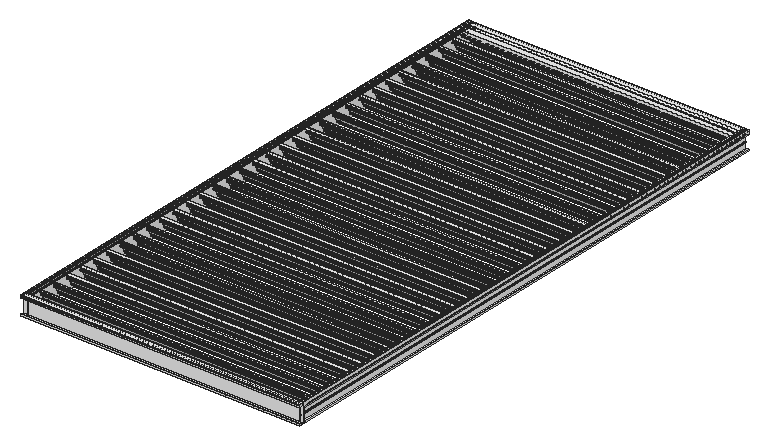
Revit family "All-Lite_EFK-430_R17", category Mechanical Equipment, host Face, Revit 2017
Family settings
  Host = Face
  Round Connector Dimension = Use Diameter
  Part Type = Normal
  Cut with Voids When Loaded = No
  Shared = No
  Room Calculation Point = No
Parameters (values of type "60" x 120"")
  Width Control = if(Width < 4 1/2", 4 1/2", Width)  # 60"
  Width = 60"
  Wall Depth [instance] = 12"
  Velocity @ 0.15 in. wg. Pressure Loss = "960 fpm"  # constant formula
  URL = "https://www.alllite.com/"
  Pressure Loss = ".16 in. wg"  # constant formula
  Screen = "1/2'' x 0.063'' expanded and flattened aluminum."  # constant formula
  Product URL = "https://www.alllite.com/media/resource/EFK430.pdf"
  Revit Components [instance] = "www.commensestudio.com"
  Mullion = "Visible"  # constant formula
  Modeled By = "Commense Studio"  # constant formula
  Model = "EFK-430"  # constant formula
  Maximum Size = "60'' x 120''"  # constant formula
  Louver Placement from Face [instance] = 1"
  Height Control = if(Height < 7 1/2", 7 1/2", Height)  # 120"
  Free Area Velocity = "1002 fpm"  # constant formula
  Design Load = "30 psf"  # constant formula
  Air Volume Delivered = "8549 cfm"  # constant formula
  Material = "Mill finish 6063-T5 extruded aluminum."  # constant formula
  Manufacturer = "Pottorff"  # constant formula
  Aluminum [instance] = Aluminum
  Blade Width = Width - 2"  # 58"
  Frame = "4'' deep x 0.081'' thick channel."  # constant formula
  Description = "The EFK-430 extruded aluminum louver is designed for intake\r\nand exhaust application where protection against water\r\ninfiltration is not critical. The EFJ-430 is well suited for special\r\nshape applications and is available with hidden mullions for a\r\ncontinuous blade appearance of multiple section assemblies.\r\nThe EFJ-430 is available in a wide array of anodized and\r\npainted finishes including custom color matching."  # constant formula
  Height = 120"
  Depth = 4"  # constant formula
  Default Elevation = 0"
  Minimum Size = "4.5'' x 7.5'"  # constant formula
  Blades = "30° x 0.081'' thick K- style."  # constant formula
  Assembly Code = "B3020300"
  Array Control 2 = if(Array Control 1 < 2, 2, Array Control 1)  # 32
  Array Control 1 = (Height - 9 23/32") / 3 1/2"  # 32
Types (3): name | Width Control | Width | URL | Product URL | Height Control | Blade Width | Height | Array Control 2 | Array Control 1
  (no name) | 60" | 60" | "https://www.alllite.com/" | "https://www.alllite.com/media/resource/EFK430.pdf" | 120" | 58" | 120" | 32 | 32
  60" x 120" | 60" | 60" | "https://www.alllite.com/" | "https://www.alllite.com/media/resource/EFK430.pdf" | 120" | 58" | 120" | 32 | 32
  36" x 48" | 36" | 36" | "https://www.pottorff.com/" | "" | 48" | 34" | 48" | 11 | 11
Reference planes (in)
  plane 1 "Center (Front/Back)": y = 0
  plane 2: z = 0
  plane 3 "Center (Left/Right)": x = 0
  plane 4 "L": x = -30
  plane 5 "R": x = 30
  plane 6 "B": y = 60
  plane 7 "F": y = -60
  plane 8 "Framing Sweeps": z = -1
  plane 9: x = -29
  plane 10: x = 29
  plane 11 "blade": z = -1.081
  plane 12: y = -57
  plane 13: y = 56.7965
  plane 14: y = 53.2965
  plane 15: z = -5.4937
  plane 16: z = -12
Forms (in)
  Sweep 1, solid, material "Aluminum" <- "Aluminum"
    path origin (0, 0, -1) x (-1, 0, 0) y (0, -1, 0)
      loop
        line (30, 60) -> (-30, 60)
    profile origin (0, -60, -1) x (0, 1, 0) y (0, 0, 1)
      loop
        line (0.984, -3.919) -> (0.984, 0) -> (0, 0) -> (0, -0.206) -> (0.065, -0.206)
        arc (0.065, -0.206) -> (0.07568, -0.17511) -> (0.10563, -0.162) r 0.04076
        line (0.10563, -0.162) -> (0.181, -0.162) -> (0.181, -0.081) -> (0.309, -0.081) -> (0.309, -0.162) -> (0.4005, -0.162) -> (0.4005, -0.305) -> (0, -0.305) -> (0, -0.5625) -> (0.081, -0.5625) -> (0.081, -0.386) -> (0.4815, -0.386) -> (0.4815, -0.081) -> (0.903, -0.081) -> (0.903, -3.919) -> (0.081, -3.919) -> (0.081, -3.6875) -> (0, -3.6875) -> (0, -4) -> (3.984, -4) -> (3.984, -3.919) -> (0.984, -3.919)
  Sweep 2, solid, material "Aluminum" <- "Aluminum"
    path origin (0, 0, -1) x (-1, 0, 0) y (0, -1, 0)
      loop
        line (29, -60) -> (-29, -60)
    profile origin (0, 60, -1) x (0, 1, 0) y (0, 0, 1)
      loop
        line (0, -4) -> (0, -0.213) -> (-0.401, -0.213) -> (-0.401, -0.07) -> (-0.09873, -0.07)
        arc (-0.09873, -0.07) -> (-0.08447, -0.07703) -> (-0.08138, -0.09263) r 0.01796
        arc (-0.08138, -0.09263) -> (-0.07846, -0.10736) -> (-0.065, -0.114) r 0.01697
        line (-0.065, -0.114) -> (0, -0.114) -> (0, 0) -> (-0.99667, 0) -> (-1.696, -0.69933) -> (-1.63872, -0.7566) -> (-0.96312, -0.081) -> (-0.482, -0.081) -> (-0.482, -0.294) -> (-0.081, -0.294) -> (-0.081, -0.812) -> (-0.29327, -0.812)
        arc (-0.29327, -0.812) -> (-0.33377, -0.8525) -> (-0.29327, -0.893) r 0.0405
        line (-0.29327, -0.893) -> (-0.1249, -0.893)
        arc (-0.1249, -0.893) -> (-0.0809, -0.937) -> (-0.1249, -0.981) r 0.044
        line (-0.1249, -0.981) -> (-0.59685, -0.981)
        arc (-0.59685, -0.981) -> (-0.56224, -0.94639) -> (-0.59685, -0.91177) r 0.03461
        line (-0.59685, -0.91177) -> (-0.90713, -0.91177)
        arc (-0.90713, -0.91177) -> (-0.92864, -0.90877) -> (-0.9485, -0.9) r 0.07856
        line (-0.9485, -0.9) -> (-3.1065, -0.9) -> (-3.1065, -0.081) -> (-2.2275, -0.081)
        arc (-2.2275, -0.081) -> (-2.187, -0.0405) -> (-2.2275, 0) r 0.0405
        line (-2.2275, 0) -> (-3.14844, 0)
        arc (-3.14844, 0) -> (-3.17606, -0.01144) -> (-3.1875, -0.03906) r 0.03906
        line (-3.1875, -0.03906) -> (-3.1875, -0.94378)
        arc (-3.1875, -0.94378) -> (-3.1766, -0.9701) -> (-3.15028, -0.981) r 0.03722
        line (-3.15028, -0.981) -> (-2.89238, -0.981)
        arc (-2.89238, -0.981) -> (-2.86453, -0.99253) -> (-2.853, -1.02038) r 0.03938
        line (-2.853, -1.02038) -> (-2.853, -1.13575)
        arc (-2.853, -1.13575) -> (-2.85952, -1.15736) -> (-2.87691, -1.17175) r 0.03906
        arc (-2.87691, -1.17175) -> (-2.97427, -1.2875) -> (-2.93733, -1.43417) r 0.166
        arc (-2.93733, -1.43417) -> (-2.88042, -1.43766) -> (-2.87642, -1.38078) r 0.0405
        arc (-2.87642, -1.38078) -> (-2.8125, -1.23975) -> (-2.74858, -1.38078) r 0.085
        arc (-2.74858, -1.38078) -> (-2.74482, -1.43793) -> (-2.68767, -1.43417) r 0.0405
        arc (-2.68767, -1.43417) -> (-2.65073, -1.2875) -> (-2.74809, -1.17175) r 0.166
        arc (-2.74809, -1.17175) -> (-2.76548, -1.15736) -> (-2.772, -1.13575) r 0.03906
        line (-2.772, -1.13575) -> (-2.772, -1.01598)
        arc (-2.772, -1.01598) -> (-2.76176, -0.99124) -> (-2.73702, -0.981) r 0.03498
        line (-2.73702, -0.981) -> (-1.89304, -0.981)
        arc (-1.89304, -0.981) -> (-1.86473, -0.99273) -> (-1.853, -1.02104) r 0.04004
        line (-1.853, -1.02104) -> (-1.853, -1.12468)
        arc (-1.853, -1.12468) -> (-1.8616, -1.15456) -> (-1.88475, -1.1753) r 0.05622
        arc (-1.88475, -1.1753) -> (-1.97518, -1.29171) -> (-1.93733, -1.43417) r 0.166
        arc (-1.93733, -1.43417) -> (-1.88042, -1.43766) -> (-1.87642, -1.38078) r 0.0405
        arc (-1.87642, -1.38078) -> (-1.8125, -1.23975) -> (-1.74858, -1.38078) r 0.085
        arc (-1.74858, -1.38078) -> (-1.74458, -1.43766) -> (-1.68767, -1.43417) r 0.0405
        arc (-1.68767, -1.43417) -> (-1.65054, -1.28834) -> (-1.74651, -1.17243) r 0.166
        arc (-1.74651, -1.17243) -> (-1.76506, -1.15683) -> (-1.772, -1.13361) r 0.04231
        line (-1.772, -1.13361) -> (-1.772, -1.02489)
        arc (-1.772, -1.02489) -> (-1.75914, -0.99386) -> (-1.7281, -0.981) r 0.04389
        line (-1.7281, -0.981) -> (-0.831, -0.981) -> (-0.831, -1.062) -> (-0.55649, -1.062)
        arc (-0.55649, -1.062) -> (-0.52821, -1.07371) -> (-0.5165, -1.10199) r 0.03999
        line (-0.5165, -1.10199) -> (-0.5165, -1.17239)
        arc (-0.5165, -1.17239) -> (-0.52274, -1.19295) -> (-0.53936, -1.20657) r 0.03697
        arc (-0.53936, -1.20657) -> (-0.63762, -1.32211) -> (-0.60095, -1.46928) r 0.166
        arc (-0.60095, -1.46928) -> (-0.5438, -1.47311) -> (-0.53998, -1.41596) r 0.0405
        arc (-0.53998, -1.41596) -> (-0.476, -1.275) -> (-0.41202, -1.41596) r 0.085
        arc (-0.41202, -1.41596) -> (-0.4082, -1.47311) -> (-0.35105, -1.46928) r 0.0405
        arc (-0.35105, -1.46928) -> (-0.31411, -1.32328) -> (-0.41042, -1.2075) r 0.166
        arc (-0.41042, -1.2075) -> (-0.42867, -1.19222) -> (-0.4355, -1.16942) r 0.04145
        line (-0.4355, -1.16942) -> (-0.4355, -1.10206)
        arc (-0.4355, -1.10206) -> (-0.42377, -1.07373) -> (-0.39544, -1.062) r 0.04006
        line (-0.39544, -1.062) -> (-0.12312, -1.062)
        arc (-0.12312, -1.062) -> (-0.09334, -1.07434) -> (-0.081, -1.10412) r 0.04212
        line (-0.081, -1.10412) -> (-0.081, -3.30616)
        arc (-0.081, -3.30616) -> (-0.09223, -3.33327) -> (-0.11934, -3.3445) r 0.03834
        line (-0.11934, -3.3445) -> (-0.28768, -3.3445)
        arc (-0.28768, -3.3445) -> (-0.30878, -3.33811) -> (-0.32279, -3.3211) r 0.03804
        arc (-0.32279, -3.3211) -> (-0.43839, -3.22332) -> (-0.58528, -3.26005) r 0.166
        arc (-0.58528, -3.26005) -> (-0.58911, -3.3172) -> (-0.53196, -3.32102) r 0.0405
        arc (-0.53196, -3.32102) -> (-0.391, -3.385) -> (-0.53196, -3.44898) r 0.085
        arc (-0.53196, -3.44898) -> (-0.58911, -3.4528) -> (-0.58528, -3.50995) r 0.0405
        arc (-0.58528, -3.50995) -> (-0.43875, -3.54677) -> (-0.32307, -3.44957) r 0.166
        arc (-0.32307, -3.44957) -> (-0.30856, -3.43206) -> (-0.28679, -3.4255) r 0.03939
        line (-0.28679, -3.4255) -> (-0.12037, -3.4255)
        arc (-0.12037, -3.4255) -> (-0.09253, -3.43703) -> (-0.081, -3.46487) r 0.03937
        line (-0.081, -3.46487) -> (-0.081, -3.88124)
        arc (-0.081, -3.88124) -> (-0.09206, -3.90794) -> (-0.11876, -3.919) r 0.03776
        line (-0.11876, -3.919) -> (-0.75, -3.919) -> (-0.75, -4) -> (0, -4)
  Sweep 3, solid, material "Aluminum" <- "Aluminum"
    path origin (0, 0, -1) x (-1, 0, 0) y (0, -1, 0)
      loop
        line (30, -60) -> (30, 59.016)
    profile "Profile - Vertical Frame 1 : Profile - Vertical Frame 1" origin (-30, 0.492, -1) x (1, 0, 0) y (0, 0, 1)
      loop
        line (1, 0) -> (0, 0) -> (0, -0.206) -> (0.065, -0.206) -> (0.065, -0.162) -> (0.181, -0.162) -> (0.181, -0.081) -> (0.309, -0.081) -> (0.309, -0.162) -> (0.4005, -0.162) -> (0.4005, -0.305) -> (0, -0.305) -> (0, -0.84828)
        arc (0, -0.84828) -> (0.06849, -0.99401) -> (0.21422, -1.0625) r 0.23736
        line (0.21422, -1.0625) -> (0.30841, -1.0625)
        arc (0.30841, -1.0625) -> (0.3319, -1.06867) -> (0.34933, -1.08559) r 0.04781
        arc (0.34933, -1.08559) -> (0.40799, -1.09729) -> (0.41433, -1.03782) r 0.0405
        arc (0.41433, -1.03782) -> (0.478, -0.8965) -> (0.54167, -1.03782) r 0.085
        arc (0.54167, -1.03782) -> (0.54984, -1.09855) -> (0.60875, -1.08168) r 0.0405
        arc (0.60875, -1.08168) -> (0.62096, -1.0677) -> (0.63877, -1.0625) r 0.03309
        line (0.63877, -1.0625) -> (0.794, -1.0625) -> (0.794, -2.4465)
        arc (0.794, -2.4465) -> (0.78434, -2.46522) -> (0.76349, -2.4682) r 0.02297
        arc (0.76349, -2.4682) -> (0.67685, -2.46214) -> (0.59901, -2.50067) r 0.166
        arc (0.59901, -2.50067) -> (0.59551, -2.55783) -> (0.65268, -2.56133) r 0.0405
        arc (0.65268, -2.56133) -> (0.794, -2.625) -> (0.65268, -2.68867) r 0.085
        arc (0.65268, -2.68867) -> (0.59551, -2.69217) -> (0.59901, -2.74933) r 0.0405
        arc (0.59901, -2.74933) -> (0.67478, -2.78743) -> (0.75947, -2.78314) r 0.166
        arc (0.75947, -2.78314) -> (0.78314, -2.78698) -> (0.794, -2.80836) r 0.02648
        line (0.794, -2.80836) -> (0.794, -3.919) -> (0.081, -3.919) -> (0.081, -3.728)
        arc (0.081, -3.728) -> (0.0405, -3.6875) -> (0, -3.728) r 0.0405
        line (0, -3.728) -> (0, -4) -> (0.875, -4) -> (0.875, -0.9815) -> (0.66593, -0.9815)
        arc (0.66593, -0.9815) -> (0.65045, -0.97564) -> (0.64273, -0.96101) r 0.02338
        arc (0.64273, -0.96101) -> (0.47961, -0.81551) -> (0.3137, -0.95782) r 0.166
        arc (0.3137, -0.95782) -> (0.30444, -0.97476) -> (0.28636, -0.9815) r 0.02762
        line (0.28636, -0.9815) -> (0.23632, -0.9815)
        arc (0.23632, -0.9815) -> (0.12649, -0.93601) -> (0.081, -0.82618) r 0.15532
        line (0.081, -0.82618) -> (0.081, -0.386) -> (0.4815, -0.386) -> (0.4815, -0.081) -> (0.794, -0.081) -> (0.794, -0.21761)
        arc (0.794, -0.21761) -> (0.8345, -0.25811) -> (0.875, -0.21761) r 0.0405
        line (0.875, -0.21761) -> (0.875, -0.081) -> (1, -0.081) -> (1, 0)
  Sweep 4, solid, material "Aluminum" <- "Aluminum"
    path origin (0, 0, -1) x (-1, 0, 0) y (0, -1, 0)
      loop
        line (-30, -60) -> (-30, 59.016)
    profile "Profile - Vertical Frame 1 : Profile - Vertical Frame 1" origin (30, 0.492, -1) x (1, 0, 0) y (0, 0, 1)
      loop
        line (-1, 0) -> (-1, -0.081) -> (-0.875, -0.081) -> (-0.875, -0.21761)
        arc (-0.875, -0.21761) -> (-0.8345, -0.25811) -> (-0.794, -0.21761) r 0.0405
        line (-0.794, -0.21761) -> (-0.794, -0.081) -> (-0.4815, -0.081) -> (-0.4815, -0.386) -> (-0.081, -0.386) -> (-0.081, -0.82618)
        arc (-0.081, -0.82618) -> (-0.12649, -0.93601) -> (-0.23632, -0.9815) r 0.15532
        line (-0.23632, -0.9815) -> (-0.28636, -0.9815)
        arc (-0.28636, -0.9815) -> (-0.30444, -0.97476) -> (-0.3137, -0.95782) r 0.02762
        arc (-0.3137, -0.95782) -> (-0.47961, -0.81551) -> (-0.64273, -0.96101) r 0.166
        arc (-0.64273, -0.96101) -> (-0.65045, -0.97564) -> (-0.66593, -0.9815) r 0.02338
        line (-0.66593, -0.9815) -> (-0.875, -0.9815) -> (-0.875, -4) -> (0, -4) -> (0, -3.728)
        arc (0, -3.728) -> (-0.0405, -3.6875) -> (-0.081, -3.728) r 0.0405
        line (-0.081, -3.728) -> (-0.081, -3.919) -> (-0.794, -3.919) -> (-0.794, -2.80836)
        arc (-0.794, -2.80836) -> (-0.78314, -2.78698) -> (-0.75947, -2.78314) r 0.02648
        arc (-0.75947, -2.78314) -> (-0.67478, -2.78743) -> (-0.59901, -2.74933) r 0.166
        arc (-0.59901, -2.74933) -> (-0.59551, -2.69217) -> (-0.65268, -2.68867) r 0.0405
        arc (-0.65268, -2.68867) -> (-0.794, -2.625) -> (-0.65268, -2.56133) r 0.085
        arc (-0.65268, -2.56133) -> (-0.59551, -2.55783) -> (-0.59901, -2.50067) r 0.0405
        arc (-0.59901, -2.50067) -> (-0.67685, -2.46214) -> (-0.76349, -2.4682) r 0.166
        arc (-0.76349, -2.4682) -> (-0.78434, -2.46522) -> (-0.794, -2.4465) r 0.02297
        line (-0.794, -2.4465) -> (-0.794, -1.0625) -> (-0.63877, -1.0625)
        arc (-0.63877, -1.0625) -> (-0.62096, -1.0677) -> (-0.60875, -1.08168) r 0.03309
        arc (-0.60875, -1.08168) -> (-0.54984, -1.09855) -> (-0.54167, -1.03782) r 0.0405
        arc (-0.54167, -1.03782) -> (-0.478, -0.8965) -> (-0.41433, -1.03782) r 0.085
        arc (-0.41433, -1.03782) -> (-0.40799, -1.09729) -> (-0.34933, -1.08559) r 0.0405
        arc (-0.34933, -1.08559) -> (-0.3319, -1.06867) -> (-0.30841, -1.0625) r 0.04781
        line (-0.30841, -1.0625) -> (-0.21422, -1.0625)
        arc (-0.21422, -1.0625) -> (-0.06849, -0.99401) -> (0, -0.84828) r 0.23736
        line (0, -0.84828) -> (0, -0.305) -> (-0.4005, -0.305) -> (-0.4005, -0.162) -> (-0.309, -0.162) -> (-0.309, -0.081) -> (-0.181, -0.081) -> (-0.181, -0.162) -> (-0.065, -0.162) -> (-0.065, -0.206) -> (0, -0.206) -> (0, 0) -> (-1, 0)
  Extrusion 5, void
    sketch origin (10.61611, 0, 0) x (0, 0, 1) y (0, -1, 0)
      loop
        line (0, 60) -> (-12, 60) -> (-12, -60) -> (0, -60) -> (0, 60)
    from -40.61611 to 19.38389
Cuts and joins
  joined: Sweep 1, Sweep 3, Sweep 4
Lines and regions (in)
  symbolic lines
    curve 1: line (-30, 60, -1) -> (30, 60, -1)
    curve 2: line (-30, -60, -1) -> (-30, 60, -1)
    curve 3: line (30, -60, -1) -> (-30, -60, -1)
    curve 4: line (30, 60, -1) -> (30, -60, -1)
    curve 5: line (-29.5, 59.5, -1) -> (29.5, 59.5, -1)
    curve 6: line (29.5, 59.5, -1) -> (29.5, -59.5, -1)
    curve 7: line (29.5, -59.5, -1) -> (-29.5, -59.5, -1)
    curve 8: line (-29.5, -59.5, -1) -> (-29.5, 59.5, -1)
Dimensions and locks (in)
  equal spacing: plane 4 "L", plane 3 "Center (Left/Right)", plane 5 "R"
  "Width Control": plane 4 "L" to plane 5 "R"
  equal spacing: plane 7 "F", plane 1 "Center (Front/Back)", plane 6 "B"
  "Height Control": plane 7 "F" to plane 6 "B"
  "Louver Placement from Face": level to plane 8 "Framing Sweeps"
  plane 4 "L" to plane 9 = 1"
  plane 10 to plane 5 "R" = 1"
  locked: plane 7 "F" to plane 12 at 3
  locked: plane 13 to plane 6 "B" at 3.2035
  locked: plane 14 to plane 13 at 3.5
  equal spacing: group 1, group 3, group 4, group 5, group 6, group 7, group 8, group 9, group 10, group 11, group 12, group 13, group 14, group 15, group 16, group 17, group 18, group 19, group 20, group 21, group 22, group 23, group 24, group 25, group 26, group 27, group 28, group 29, group 30, group 31, group 32, group 2  (x3)
  locked: plane 8 "Framing Sweeps" to plane 11 "blade" at 0.081
  "Wall Depth": level to plane 16
  aligned and locked: plane 2 to host face
  aligned and locked: level to host face
  aligned and locked: plane 11 "blade" to nested 1
  aligned and locked: plane 12 to nested 1
  aligned and locked: plane 9 to nested 2
  aligned and locked: nested 1 to plane 10
  aligned and locked: plane 14 to nested 2
  aligned and locked: plane 6 "B" to Sweep 2 sketch curve
  aligned and locked: Sweep 4 sketch curve to plane 5 "R"
  aligned and locked: plane 9 to Sweep 2 sketch curve
  aligned and locked: Sweep 2 sketch curve to plane 10
  aligned and locked: plane 11 "blade" to nested 2
  aligned and locked: plane 16 to host face
  aligned and locked: plane 16 to Extrusion 5
  aligned and locked: plane 7 "F" to Extrusion 5
  aligned and locked: Extrusion 5 to plane 4 "L"
  aligned and locked: Extrusion 5 to plane 5 "R"
Automatic sketch dimensions
  host sketch curve to host sketch curve = 96"
  host sketch curve to host sketch curve = 158.30898"
  curve 1 to plane 5 "R" = 0"
  curve 2 to plane 4 "L" = 0"
  plane 6 "B" to curve 1 = 0"
  plane 7 "F" to curve 3 = 0"
  curve 7 to plane 5 "R" = 1/2"
  plane 4 "L" to curve 7 = 1/2"
  plane 6 "B" to curve 5 = 1/2"
  curve 8 to plane 7 "F" = 1/2"
  Sweep 2 sketch curve to Sweep 2 sketch curve = 0"  (x36)
  Sweep 2 sketch curve to profile plane = 0"  (x2)
  profile plane to Sweep 2 sketch curve = 0.065"
  profile plane to Sweep 2 sketch curve = 0.081"  (x3)
  Sweep 2 sketch curve to Sweep 2 sketch curve = 0.03373"
  Sweep 2 sketch curve to Sweep 2 sketch curve = 0.03776"
  Sweep 2 sketch curve to Sweep 2 sketch curve = 0.03834"
  Sweep 2 sketch curve to Sweep 2 sketch curve = 0.03937"
  Sweep 2 sketch curve to Sweep 2 sketch curve = 0.04212"
  profile plane to Sweep 2 sketch curve = 0.1249"
  Sweep 2 sketch curve to Sweep 2 sketch curve = 0.16642"
  Sweep 2 sketch curve to Sweep 2 sketch curve = 0.00089"
  Sweep 2 sketch curve to Sweep 2 sketch curve = 0.16837"
  profile plane to Sweep 2 sketch curve = 0.38153"
  Sweep 2 sketch curve to Sweep 2 sketch curve = 0.01251"
  Sweep 2 sketch curve to Sweep 2 sketch curve = 0.00139"
  Sweep 2 sketch curve to plane 8 "Framing Sweeps" = 0.07"
  Sweep 2 sketch curve to Sweep 2 sketch curve = 0.30227"
  Sweep 2 sketch curve to Sweep 2 sketch curve = 0.04006"
  Sweep 2 sketch curve to Sweep 2 sketch curve = 0.09447"  (x4)
  Sweep 2 sketch curve to Sweep 2 sketch curve = 0.18832"
  Sweep 2 sketch curve to Sweep 2 sketch curve = 0.081"  (x8)
  Sweep 2 sketch curve to Sweep 2 sketch curve = 0.03697"
  Sweep 2 sketch curve to Sweep 2 sketch curve = 0.03999"
  Sweep 2 sketch curve to Sweep 2 sketch curve = 0.08262"  (x4)
  Sweep 2 sketch curve to Sweep 2 sketch curve = 0.04036"
  Sweep 2 sketch curve to Sweep 2 sketch curve = 0.19138"
  Sweep 2 sketch curve to Sweep 2 sketch curve = 0.23415"
  Sweep 2 sketch curve to Sweep 2 sketch curve = 0.07613"
  Sweep 2 sketch curve to Sweep 2 sketch curve = 0.04136"
  Sweep 2 sketch curve to plane 8 "Framing Sweeps" = 0.081"  (x2)
  Sweep 2 sketch curve to Sweep 2 sketch curve = 0.48112"
  plane 8 "Framing Sweeps" to Sweep 2 sketch curve = 0"
  Sweep 2 sketch curve to Sweep 2 sketch curve = 0.03355"
  Sweep 2 sketch curve to plane 8 "Framing Sweeps" = 0.7566"
  Sweep 2 sketch curve to Sweep 2 sketch curve = 0.69022"
  Sweep 2 sketch curve to plane 8 "Framing Sweeps" = 0.69933"
  Sweep 2 sketch curve to Sweep 2 sketch curve = 0.05728"
  Sweep 2 sketch curve to Sweep 2 sketch curve = 0.07916"
  Sweep 2 sketch curve to Sweep 2 sketch curve = 0.08938"
  Sweep 2 sketch curve to Sweep 2 sketch curve = 0.00159"
  Sweep 2 sketch curve to Sweep 2 sketch curve = 0.04231"
  Sweep 2 sketch curve to Sweep 2 sketch curve = 0.09462"  (x3)
  Sweep 2 sketch curve to Sweep 2 sketch curve = 0.04004"
  Sweep 2 sketch curve to Sweep 2 sketch curve = 0.05622"
  Sweep 2 sketch curve to Sweep 2 sketch curve = 0.5315"
  Sweep 2 sketch curve to Sweep 2 sketch curve = 0.81101"
  Sweep 2 sketch curve to Sweep 2 sketch curve = 0.01481"
  Sweep 2 sketch curve to Sweep 2 sketch curve = 0.00408"
  Sweep 2 sketch curve to Sweep 2 sketch curve = 5/128"  (x3)
  Sweep 2 sketch curve to Sweep 2 sketch curve = 0.09438"
  Sweep 2 sketch curve to Sweep 2 sketch curve = 0.03938"  (x2)
  Sweep 2 sketch curve to Sweep 2 sketch curve = 0.21412"
  Sweep 2 sketch curve to Sweep 2 sketch curve = 0.04194"
  Sweep 2 sketch curve to Sweep 2 sketch curve = 0.04378"  (x2)
  Sweep 2 sketch curve to Sweep 2 sketch curve = 0.742"
  Sweep 2 sketch curve to Sweep 2 sketch curve = 0.02122"
  Sweep 2 sketch curve to Sweep 2 sketch curve = 0.0405"
  Sweep 2 sketch curve to Sweep 2 sketch curve = 0.819"
  Sweep 2 sketch curve to Sweep 2 sketch curve = 0.044"  (x2)
  Sweep 2 sketch curve to Sweep 2 sketch curve = 0.2244"
  Sweep 2 sketch curve to Sweep 2 sketch curve = 0.10364"
  Sweep 2 sketch curve to Sweep 2 sketch curve = 0.10871"
  Sweep 2 sketch curve to Sweep 2 sketch curve = 0.11977"
  Sweep 2 sketch curve to Sweep 2 sketch curve = 0.11537"
  Sweep 2 sketch curve to Sweep 2 sketch curve = 0.06736"
  Sweep 2 sketch curve to Sweep 2 sketch curve = 0.0704"
  Sweep 2 sketch curve to Sweep 2 sketch curve = 0.189"
  Sweep 2 sketch curve to Sweep 2 sketch curve = 0.19114"
  Sweep 2 sketch curve to Sweep 2 sketch curve = 0.18761"
  Sweep 2 sketch curve to Sweep 2 sketch curve = 0.08245"  (x3)
  Sweep 2 sketch curve to Sweep 2 sketch curve = 0.08272"
  Sweep 2 sketch curve to Sweep 2 sketch curve = 1.84791"
  Sweep 2 sketch curve to Sweep 2 sketch curve = 1/64"
  Sweep 2 sketch curve to Sweep 2 sketch curve = 0.03804"
  Sweep 2 sketch curve to Sweep 2 sketch curve = 0.03939"
  Sweep 2 sketch curve to Sweep 2 sketch curve = 0.41638"
  Sweep 2 sketch curve to Sweep 2 sketch curve = 0.11876"
  Sweep 2 sketch curve to Sweep 2 sketch curve = 0.224"
  Sweep 2 sketch curve to Sweep 2 sketch curve = 0.01697"
  Sweep 2 sketch curve to Sweep 2 sketch curve = 0.01796"
  Sweep 2 sketch curve to plane 8 "Framing Sweeps" = 0.0405"
  Sweep 2 sketch curve to Sweep 2 sketch curve = 0.03049"
  Sweep 2 sketch curve to Sweep 2 sketch curve = 0.02666"  (x2)
  Sweep 2 sketch curve to Sweep 2 sketch curve = 0.03022"
  Sweep 2 sketch curve to Sweep 2 sketch curve = 0.0307"  (x3)
  Sweep 2 sketch curve to Sweep 2 sketch curve = 0.03046"
  Sweep 4 sketch curve to plane 6 "B" = 0"
  Sweep 4 sketch curve to plane 7 "F" = 0.984"
  Sweep 3 sketch curve to plane 4 "L" = 0"
  Sweep 3 sketch curve to plane 6 "B" = 0"
  Sweep 3 sketch curve to plane 7 "F" = 0.984"
  Sweep 1 sketch curve to plane 5 "R" = 0"
  Sweep 1 sketch curve to plane 4 "L" = 0"
  plane 7 "F" to Sweep 1 sketch curve = 0"
  Sweep 1 sketch curve to profile plane = 0"  (x3)
  Sweep 1 sketch curve to plane 8 "Framing Sweeps" = 0"
  Sweep 1 sketch curve to Sweep 1 sketch curve = 0.065"
  Sweep 1 sketch curve to Sweep 1 sketch curve = 0.081"  (x7)
  Sweep 1 sketch curve to profile plane = 0.081"
  Sweep 1 sketch curve to Sweep 1 sketch curve = 0.04063"
  Sweep 1 sketch curve to Sweep 1 sketch curve = 0.07537"
  Sweep 1 sketch curve to Sweep 1 sketch curve = 0.128"
  Sweep 1 sketch curve to Sweep 1 sketch curve = 0.0915"
  Sweep 1 sketch curve to Sweep 1 sketch curve = 0.822"
  Sweep 1 sketch curve to Sweep 1 sketch curve = 3"
  Sweep 1 sketch curve to plane 8 "Framing Sweeps" = 0.081"  (x2)
  Sweep 1 sketch curve to Sweep 1 sketch curve = 0.04076"
  Sweep 1 sketch curve to Sweep 1 sketch curve = 0.099"
  Sweep 1 sketch curve to Sweep 1 sketch curve = 0.1765"
  Sweep 1 sketch curve to Sweep 1 sketch curve = 3 1/8"
  Sweep 1 sketch curve to Sweep 1 sketch curve = 0.2315"
  Sweep 1 sketch curve to Sweep 1 sketch curve = 0"
  Extrusion 5 sketch curve to level = 0"
  Extrusion 5 sketch curve to plane 6 "B" = 0"
  Extrusion 5 sketch curve to plane 11 "blade" = 10.919"
  Extrusion 5 sketch curve to plane 14 = 113.2965"
Nested families (in)
  nested 1: "Blade_J-Style_30 deg" at (0, -57, -1.081), type "Blade_J-Style_30 deg"
    with W 58"
  nested 2: "Blade_J-Style_30 deg" at (0, 53.2965, -1.081), type "Blade_J-Style_30 deg"
    with W 58"
  nested 3: "Blade_J-Style_30 deg" at (0, -53.44205, -1.081), type "Blade_J-Style_30 deg"
    with W 58"
  nested 4: "Blade_J-Style_30 deg" at (0, -49.8841, -1.081), type "Blade_J-Style_30 deg"
    with W 58"
  nested 5: "Blade_J-Style_30 deg" at (0, -46.32615, -1.081), type "Blade_J-Style_30 deg"
    with W 58"
  nested 6: "Blade_J-Style_30 deg" at (0, -42.76819, -1.081), type "Blade_J-Style_30 deg"
    with W 58"
  nested 7: "Blade_J-Style_30 deg" at (0, -39.21024, -1.081), type "Blade_J-Style_30 deg"
    with W 58"
  nested 8: "Blade_J-Style_30 deg" at (0, -35.65229, -1.081), type "Blade_J-Style_30 deg"
    with W 58"
  nested 9: "Blade_J-Style_30 deg" at (0, -32.09434, -1.081), type "Blade_J-Style_30 deg"
    with W 58"
  nested 10: "Blade_J-Style_30 deg" at (0, -28.53639, -1.081), type "Blade_J-Style_30 deg"
    with W 58"
  nested 11: "Blade_J-Style_30 deg" at (0, -24.97844, -1.081), type "Blade_J-Style_30 deg"
    with W 58"
  nested 12: "Blade_J-Style_30 deg" at (0, -21.42048, -1.081), type "Blade_J-Style_30 deg"
    with W 58"
  nested 13: "Blade_J-Style_30 deg" at (0, -17.86253, -1.081), type "Blade_J-Style_30 deg"
    with W 58"
  nested 14: "Blade_J-Style_30 deg" at (0, -14.30458, -1.081), type "Blade_J-Style_30 deg"
    with W 58"
  nested 15: "Blade_J-Style_30 deg" at (0, -10.74663, -1.081), type "Blade_J-Style_30 deg"
    with W 58"
  nested 16: "Blade_J-Style_30 deg" at (0, -7.18868, -1.081), type "Blade_J-Style_30 deg"
    with W 58"
  nested 17: "Blade_J-Style_30 deg" at (0, -3.63073, -1.081), type "Blade_J-Style_30 deg"
    with W 58"
  nested 18: "Blade_J-Style_30 deg" at (0, -0.07277, -1.081), type "Blade_J-Style_30 deg"
    with W 58"
  nested 19: "Blade_J-Style_30 deg" at (0, 3.48518, -1.081), type "Blade_J-Style_30 deg"
    with W 58"
  nested 20: "Blade_J-Style_30 deg" at (0, 7.04313, -1.081), type "Blade_J-Style_30 deg"
    with W 58"
  nested 21: "Blade_J-Style_30 deg" at (0, 10.60108, -1.081), type "Blade_J-Style_30 deg"
    with W 58"
  nested 22: "Blade_J-Style_30 deg" at (0, 14.15903, -1.081), type "Blade_J-Style_30 deg"
    with W 58"
  nested 23: "Blade_J-Style_30 deg" at (0, 17.71698, -1.081), type "Blade_J-Style_30 deg"
    with W 58"
  nested 24: "Blade_J-Style_30 deg" at (0, 21.27494, -1.081), type "Blade_J-Style_30 deg"
    with W 58"
  nested 25: "Blade_J-Style_30 deg" at (0, 24.83289, -1.081), type "Blade_J-Style_30 deg"
    with W 58"
  nested 26: "Blade_J-Style_30 deg" at (0, 28.39084, -1.081), type "Blade_J-Style_30 deg"
    with W 58"
  nested 27: "Blade_J-Style_30 deg" at (0, 31.94879, -1.081), type "Blade_J-Style_30 deg"
    with W 58"
  nested 28: "Blade_J-Style_30 deg" at (0, 35.50674, -1.081), type "Blade_J-Style_30 deg"
    with W 58"
  nested 29: "Blade_J-Style_30 deg" at (0, 39.06469, -1.081), type "Blade_J-Style_30 deg"
    with W 58"
  nested 30: "Blade_J-Style_30 deg" at (0, 42.62265, -1.081), type "Blade_J-Style_30 deg"
    with W 58"
  nested 31: "Blade_J-Style_30 deg" at (0, 46.1806, -1.081), type "Blade_J-Style_30 deg"
    with W 58"
  nested 32: "Blade_J-Style_30 deg" at (0, 49.73855, -1.081), type "Blade_J-Style_30 deg"
    with W 58"
Connectors (in)
  hvac at (0, 0, -1), driven by "Height", driven by "Width"
    settings: index 1, duct flow 0 CFM, flow factor 0, pres drop 0.00 in-wg, loss coef 0, conn angle 0.00°, conn width 60", conn height 120", conn diameter 24", duct sys type 1, conn prof type 1, flow config 0, flow direction 0, loss method 0, conn ref index -1, conn util no, is conn primary yes, conn desc ""
Definition of nested family "Blade_J-Style_30 deg"
  Parameters (values of type "Blade_J-Style_30 deg")
    W = 36"
    Louver = none
    Blade = none
    Assembly Code = ""
  Reference planes (in)
    plane 1 "Center (Front/Back)": y = 0
    plane 2: z = 0
    plane 3 "Center (Left/Right)": x = 0
    plane 4: x = -18
    plane 5: x = 18
    plane 6: z = 0
    plane 7: y = 3.5
  Forms (in)
    Sweep 1, solid, material <- "Blade"
      path origin (0, 0, 0) x (1, 0, 0) y (0, 0, -1)
        loop
          line (-18, 0) -> (18, 0)
      profile origin (0, 0, 0) x (0, 0, -1) y (0, 1, 0)
        loop
          line (0.081, 0.07592) -> (0.081, 0.6711) -> (1.15192, 1.28939)
          arc (1.15192, 1.28939) -> (1.19098, 1.29018) -> (1.21253, 1.25758) r 0.0405
          arc (1.21253, 1.25758) -> (1.24966, 1.16595) -> (1.33251, 1.11199) r 0.165
          arc (1.33251, 1.11199) -> (1.38186, 1.13976) -> (1.3541, 1.18911) r 0.04004
          arc (1.3541, 1.18911) -> (1.33254, 1.34516) -> (1.46139, 1.25452) r 0.08589
          arc (1.46139, 1.25452) -> (1.49214, 1.20786) -> (1.5388, 1.23861) r 0.03952
          arc (1.5388, 1.23861) -> (1.53094, 1.33102) -> (1.47405, 1.40428) r 0.16345
          arc (1.47405, 1.40428) -> (1.45593, 1.44187) -> (1.47768, 1.47747) r 0.04361
          line (1.47768, 1.47747) -> (2.74426, 2.20873)
          arc (2.74426, 2.20873) -> (2.81443, 2.25732) -> (2.87573, 2.31671) r 0.52108
          arc (2.87573, 2.31671) -> (2.9062, 2.33195) -> (2.93864, 2.32152) r 0.04508
          arc (2.93864, 2.32152) -> (2.96382, 2.30407) -> (2.99178, 2.29153) r 0.166
          arc (2.99178, 2.29153) -> (3.04319, 2.31677) -> (3.01795, 2.36819) r 0.0405
          arc (3.01795, 2.36819) -> (3.00291, 2.52224) -> (3.12881, 2.43219) r 0.085
          arc (3.12881, 2.43219) -> (3.16071, 2.38462) -> (3.20828, 2.41653) r 0.0405
          arc (3.20828, 2.41653) -> (3.205, 2.49434) -> (3.16659, 2.56209) r 0.166
          arc (3.16659, 2.56209) -> (3.15646, 2.59452) -> (3.17557, 2.62261) r 0.03906
          line (3.17557, 2.62261) -> (3.829, 2.99987) -> (3.829, 3.56187)
          arc (3.829, 3.56187) -> (3.7885, 3.60237) -> (3.748, 3.56187) r 0.0405
          line (3.748, 3.56187) -> (3.748, 3.04664) -> (2.87284, 2.54137)
          arc (2.87284, 2.54137) -> (2.85312, 2.52086) -> (2.84735, 2.493) r 0.05129
          arc (2.84735, 2.493) -> (2.82488, 2.38434) -> (2.74795, 2.30439) r 0.2
          line (2.74795, 2.30439) -> (0, 0.71786) -> (0, 0.01557)
          arc (0, 0.01557) -> (0.00977, 0.00095) -> (0.02701, 0.00438) r 0.01582
          line (0.02701, 0.00438) -> (0.06859, 0.04596)
          arc (0.06859, 0.04596) -> (0.07778, 0.05971) -> (0.081, 0.07592) r 0.04236
  Dimensions and locks (in)
    plane 5 to plane 4 = 36"
    equal spacing: plane 4, plane 3 "Center (Left/Right)", plane 5
    "W": plane 4 to plane 5
    aligned and locked: plane 2 to level
  Automatic sketch dimensions
    Sweep 1 sketch curve to plane 4 = 0"
    Sweep 1 sketch curve to plane 5 = 0"
    level to Sweep 1 sketch curve = 0"
    Sweep 1 sketch curve to profile plane = 0"
    Sweep 1 sketch curve to profile plane = 0.01582"
    profile plane to Sweep 1 sketch curve = 0.00438"
    Sweep 1 sketch curve to Sweep 1 sketch curve = 0.01119"
    Sweep 1 sketch curve to profile plane = 0.03864"
    Sweep 1 sketch curve to Sweep 1 sketch curve = 0.02996"
    Sweep 1 sketch curve to profile plane = 0.081"
    Sweep 1 sketch curve to profile plane = 1.15192"
    Sweep 1 sketch curve to Sweep 1 sketch curve = 0.02025"
    Sweep 1 sketch curve to Sweep 1 sketch curve = 0.17114"
    Sweep 1 sketch curve to Sweep 1 sketch curve = 0.03369"
    Sweep 1 sketch curve to Sweep 1 sketch curve = 0.00026"
    Sweep 1 sketch curve to Sweep 1 sketch curve = 0.00144"
    Sweep 1 sketch curve to Sweep 1 sketch curve = 0.09898"
    Sweep 1 sketch curve to Sweep 1 sketch curve = 0.02181"
    Sweep 1 sketch curve to Sweep 1 sketch curve = 0.12139"
    Sweep 1 sketch curve to Sweep 1 sketch curve = 1.00604"
    Sweep 1 sketch curve to Sweep 1 sketch curve = 0.16423"
    Sweep 1 sketch curve to Sweep 1 sketch curve = 0.09631"
    Sweep 1 sketch curve to Sweep 1 sketch curve = 0.00369"
    Sweep 1 sketch curve to Sweep 1 sketch curve = 0.2249"
    Sweep 1 sketch curve to Sweep 1 sketch curve = 0.02564"
    Sweep 1 sketch curve to Sweep 1 sketch curve = 0.1617"
    Sweep 1 sketch curve to Sweep 1 sketch curve = 0.09522"
    Sweep 1 sketch curve to Sweep 1 sketch curve = 0.04055"
    Sweep 1 sketch curve to Sweep 1 sketch curve = 0"  (x15)
    Sweep 1 sketch curve to Sweep 1 sketch curve = 0.12313"
    Sweep 1 sketch curve to Sweep 1 sketch curve = 0.00703"
    Sweep 1 sketch curve to Sweep 1 sketch curve = 5/256"
    Sweep 1 sketch curve to Sweep 1 sketch curve = 0.57243"
    Sweep 1 sketch curve to Sweep 1 sketch curve = 0.0405"
    profile plane to Sweep 1 sketch curve = 0.04596"
    Sweep 1 sketch curve to Sweep 1 sketch curve = 0.59518"
    Sweep 1 sketch curve to Sweep 1 sketch curve = 0.04677"  (x2)
    profile plane to Sweep 1 sketch curve = 1.15055"
    Sweep 1 sketch curve to Sweep 1 sketch curve = 0.09601"
    Sweep 1 sketch curve to Sweep 1 sketch curve = 0.10377"
    Sweep 1 sketch curve to Sweep 1 sketch curve = 0.12033"
    Sweep 1 sketch curve to Sweep 1 sketch curve = 0.00065"
    Sweep 1 sketch curve to Sweep 1 sketch curve = 0.00094"
    Sweep 1 sketch curve to Sweep 1 sketch curve = 0.03507"
    Sweep 1 sketch curve to Sweep 1 sketch curve = 0.19314"
    Sweep 1 sketch curve to Sweep 1 sketch curve = 0.03777"
    Sweep 1 sketch curve to Sweep 1 sketch curve = 0.73126"
    Sweep 1 sketch curve to Sweep 1 sketch curve = 0.07828"
    Sweep 1 sketch curve to Sweep 1 sketch curve = 0.09566"
    Sweep 1 sketch curve to Sweep 1 sketch curve = 0.04285"
    Sweep 1 sketch curve to Sweep 1 sketch curve = 0.0945"
    Sweep 1 sketch curve to Sweep 1 sketch curve = 0.11877"
    Sweep 1 sketch curve to Sweep 1 sketch curve = 0.17321"
    Sweep 1 sketch curve to Sweep 1 sketch curve = 0.04832"
    Sweep 1 sketch curve to Sweep 1 sketch curve = 0.04442"
    Sweep 1 sketch curve to Sweep 1 sketch curve = 0.16443"
    Sweep 1 sketch curve to Sweep 1 sketch curve = 0.03383"
    Sweep 1 sketch curve to Sweep 1 sketch curve = 0.1824"
    Sweep 1 sketch curve to Sweep 1 sketch curve = 0.37726"
    Sweep 1 sketch curve to Sweep 1 sketch curve = 0.51524"
